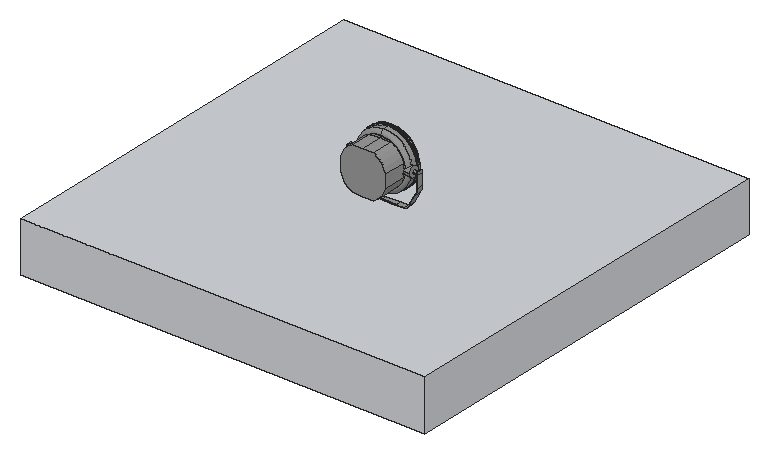
Revit family "L-banner 600", category Осветительные приборы, Revit 2017
Family settings
  Основа = Грань
  Размер круглого соединителя = Использовать диаметр
  Тип детали = Нормальный
  При загрузке вырезать с полостями = Нет
  Источник света = Да
  Общий = Нет
  Точка расчета площади = Нет
Parameters (values of type "L-banner 600-K15-4.0K")
  Комментарии к типоразмеру = "Прожекторы"
  Wattage Comments = ""
  Wattage = 470.614 W
  built-in parameter 1150110 = 1 (stored number, unit not read)
  built-in parameter 1114217 = 1 (stored number, unit not read)
  Tilt Angle = 90.00°
  built-in parameter 1150109 = 1 (stored number, unit not read)
  built-in parameter 1150134 = 12
  built-in parameter 1150113 = 1 (stored number, unit not read)
  Файл фотометрической сетки = "L-banner 600-600-K15-4.0K-04.ies"
  built-in parameter 1150142 = "IESNA:LM-63-1995\r\n[TEST]LEDEL\r\n[DATA]17.10.2017\r\n[MANUFAC]LEDEL\r\n[LUMCAT]L-banner 600/600/К15/4.0К/04\r\n[LUMINAIRE]Для внешней подсветки крупных объектов\r\n[LAMPCAT]LED\r\n[LAMP]OSRAM OSLON SQUARE\r\nTILT=NONE\r\n\r\n1 69906 1.173845 37 19 1 2 -0.4625 -0.426 0.238\r\n\r\n1 1 600\r\n\r\n 0 2.5 5 7.5 10 12.5 15 17.5 20 22.5 25 27.5 30 32.5 35 37.5 40 42.5 45 47.5 50 52.5 55 57.5 60 62.5 65 67.5 70 72.5 75 77.5 80 82.5\r\n 85 87.5 90\r\n\r\n 0 10 20 30 40 50 60 70 80 90 100 110 120 130 140 150 160 170 180\r\n\r\n290472 266313 218629 161894 114873 81570 57475 40256 28586 21210 16789 14136 12403 11042 9680\r\n  8622 7412 6807 6050 5445 4840 4387 3933 3479 3025 2723 2269 1967 1513 1210 908 454 303 303 152 152 227\r\n290472 266313 218629 161894 114873 81570 57475 40256 28586 21210 16789 14136 12403 11042 9680\r\n  8622 7412 6807 6050 5445 4840 4387 3933 3479 3025 2723 2269 1967 1513 1210 908 454 303 303 152 152 227\r\n290472 266313 218629 161894 114873 81570 57475 40256 28586 21210 16789 14136 12403 11042 9680\r\n  8622 7412 6807 6050 5445 4840 4387 3933 3479 3025 2723 2269 1967 1513 1210 908 454 303 303 152 152 227\r\n290472 266313 218629 161894 114873 81570 57475 40256 28586 21210 16789 14136 12403 11042 9680\r\n  8622 7412 6807 6050 5445 4840 4387 3933 3479 3025 2723 2269 1967 1513 1210 908 454 303 303 152 152 227\r\n290472 266313 218629 161894 114873 81570 57475 40256 28586 21210 16789 14136 12403 11042 9680\r\n  8622 7412 6807 6050 5445 4840 4387 3933 3479 3025 2723 2269 1967 1513 1210 908 454 303 303 152 152 227\r\n290472 266313 218629 161894 114873 81570 57475 40256 28586 21210 16789 14136 12403 11042 9680\r\n  8622 7412 6807 6050 5445 4840 4387 3933 3479 3025 2723 2269 1967 1513 1210 908 454 303 303 152 152 227\r\n290472 266313 218629 161894 114873 81570 57475 40256 28586 21210 16789 14136 12403 11042 9680\r\n  8622 7412 6807 6050 5445 4840 4387 3933 3479 3025 2723 2269 1967 1513 1210 908 454 303 303 152 152 227\r\n290472 266313 218629 161894 114873 81570 57475 40256 28586 21210 16789 14136 12403 11042 9680\r\n  8622 7412 6807 6050 5445 4840 4387 3933 3479 3025 2723 2269 1967 1513 1210 908 454 303 303 152 152 227\r\n290472 266313 218629 161894 114873 81570 57475 40256 28586 21210 16789 14136 12403 11042 9680\r\n  8622 7412 6807 6050 5445 4840 4387 3933 3479 3025 2723 2269 1967 1513 1210 908 454 303 303 152 152 227\r\n290472 266313 218629 161894 114873 81570 57475 40256 28586 21210 16789 14136 12403 11042 9680\r\n  8622 7412 6807 6050 5445 4840 4387 3933 3479 3025 2723 2269 1967 1513 1210 908 454 303 303 152 152 227\r\n290472 266313 218629 161894 114873 81570 57475 40256 28586 21210 16789 14136 12403 11042 9680\r\n  8622 7412 6807 6050 5445 4840 4387 3933 3479 3025 2723 2269 1967 1513 1210 908 454 303 303 152 152 227\r\n290472 266313 218629 161894 114873 81570 57475 40256 28586 21210 16789 14136 12403 11042 9680\r\n  8622 7412 6807 6050 5445 4840 4387 3933 3479 3025 2723 2269 1967 1513 1210 908 454 303 303 152 152 227\r\n290472 266313 218629 161894 114873 81570 57475 40256 28586 21210 16789 14136 12403 11042 9680\r\n  8622 7412 6807 6050 5445 4840 4387 3933 3479 3025 2723 2269 1967 1513 1210 908 454 303 303 152 152 227\r\n290472 266313 218629 161894 114873 81570 57475 40256 28586 21210 16789 14136 12403 11042 9680\r\n  8622 7412 6807 6050 5445 4840 4387 3933 3479 3025 2723 2269 1967 1513 1210 908 454 303 303 152 152 227\r\n290472 266313 218629 161894 114873 81570 57475 40256 28586 21210 16789 14136 12403 11042 9680\r\n  8622 7412 6807 6050 5445 4840 4387 3933 3479 3025 2723 2269 1967 1513 1210 908 454 303 303 152 152 227\r\n290472 266313 218629 161894 114873 81570 57475 40256 28586 21210 16789 14136 12403 11042 9680\r\n  8622 7412 6807 6050 5445 4840 4387 3933 3479 3025 2723 2269 1967 1513 1210 908 454 303 303 152 152 227\r\n290472 266313 218629 161894 114873 81570 57475 40256 28586 21210 16789 14136 12403 11042 9680\r\n  8622 7412 6807 6050 5445 4840 4387 3933 3479 3025 2723 2269 1967 1513 1210 908 454 303 303 152 152 227\r\n290472 266313 218629 161894 114873 81570 57475 40256 28586 21210 16789 14136 12403 11042 9680\r\n  8622 7412 6807 6050 5445 4840 4387 3933 3479 3025 2723 2269 1967 1513 1210 908 454 303 303 152 152 227\r\n290472 266313 218629 161894 114873 81570 57475 40256 28586 21210 16789 14136 12403 11042 9680\r\n  8622 7412 6807 6050 5445 4840 4387 3933 3479 3025 2723 2269 1967 1513 1210 908 454 303 303 152 152 227\r\n"
  built-in parameter 1150105 = 5562.9 (stored number, unit not read)
  Lumens = 69906 lm
  built-in parameter 1150115 = 1 (stored number, unit not read)
  built-in parameter 1150137 = (empty or 0)
  built-in parameter 1150139 = (empty or 0)
  built-in parameter 1150112 = 1 (stored number, unit not read)
  built-in parameter 1150114 = 1 (stored number, unit not read)
  Emit from Circle Diameter = 298 mm  # constant formula
  Изготовитель = "LEDEL"
  Model = ""
  Артикул = "621160002744200"
  L = 68.4 mm  # constant formula
  built-in parameter 1150132 = 2
  built-in parameter 1150102 = (empty or 0)
  built-in parameter 1150107 = 4000 (stored number, unit not read)
  built-in parameter 1150138 = (empty or 0)
  built-in parameter 1150106 = 55.629 (stored number, unit not read)
  Emit Shape Visible in Rendering = no
  built-in parameter 1150104 = 13.8 (stored number, unit not read)
  Dimming Lamp Color Temperature Shift = (empty or 0)
  Default Elevation = 1219.2 mm
  Color Filter = 16777215
  built-in parameter 1114218 = 1 (stored number, unit not read)
  built-in parameter 1150133 = 10 (stored number, unit not read)
  Apparent Load = 600 VA  # constant formula
Reference planes
  plane 1 "Center (Front/Back)": y = 0
  plane 2: z = 0
  plane 3 "Center (Left/Right)": x = 0
  plane 4 "1": z = 209.6
Forms (mm)
  Extrusion 1, solid
    sketch origin (0, 0, 0) x (1, 0, 0) y (0, 1, 0)
      loop
        line (-1219.2, 1219.2) -> (-1219.2, -1219.2) -> (1219.2, -1219.2) -> (1219.2, 1219.2) -> (-1219.2, 1219.2)
    from 0 to -304.8
  Extrusion 2, solid, material "Алюминий"
    sketch origin (0, 0, 234.636) x (1, 0, 0) y (0, 0, -1)
      loop
        line (210, 25.936) -> (210, 11.936) -> (214.5, 11.936) -> (214.5, 25.936) -> (214.5, 98.132)
        arc (214.5, 98.132) -> (212.492, 117.865) -> (204.376, 135.963) r 62.214
        line (204.376, 135.963) -> (165.455, 206.179)
        arc (165.455, 206.179) -> (150.723, 223.782) -> (130.498, 234.636) r 60.548
        line (130.498, 234.636) -> (84.8, 234.636) -> (0, 234.636) -> (-84.8, 234.636) -> (-130.498, 234.636)
        arc (-130.498, 234.636) -> (-150.723, 223.782) -> (-165.455, 206.179) r 60.548
        line (-165.455, 206.179) -> (-204.376, 135.963)
        arc (-204.376, 135.963) -> (-212.492, 117.865) -> (-214.5, 98.132) r 62.214
        line (-214.5, 98.132) -> (-214.5, 25.936) -> (-214.5, 11.936) -> (-210, 11.936) -> (-210, 25.936) -> (-210, 98.266)
        arc (-210, 98.266) -> (-208.141, 116.72) -> (-200.524, 133.63) r 57.714
        line (-200.524, 133.63) -> (-161.519, 203.998)
        arc (-161.519, 203.998) -> (-148.142, 220.079) -> (-129.8, 230.136) r 56.048
        line (-129.8, 230.136) -> (-84.8, 230.136) -> (0, 230.136) -> (84.8, 230.136) -> (129.8, 230.136)
        arc (129.8, 230.136) -> (148.142, 220.079) -> (161.519, 203.998) r 56.048
        line (161.519, 203.998) -> (200.524, 133.63)
        arc (200.524, 133.63) -> (208.141, 116.72) -> (210, 98.266) r 57.714
        line (210, 98.266) -> (210, 25.936)
    from -15 to 15
  Extrusion 3, solid, material "Алюминий"
    sketch origin (0, 0, 235.536) x (0, -1, 0) y (0, 0, -1)
      loop
        circle (0, 25.936) r 30
    from -178.3 to 178.3
  Extrusion 4, solid, material "Алюминий"
    sketch origin (0, 0, 235.536) x (0, -1, 0) y (0, 0, -1)
      loop
        circle (0, 25.936) r 9.5
    from -212.1 to 212.1
  Revolve 5, solid, material "Алюминий"
    sketch origin (0, 0, 209.6) x (0, 1, 0) y (0, 0, 1)
      loop
        line (68.4, -156) -> (68.4, -149) -> (63.4, -149) -> (63.4, 0) -> (-24.637, 0) -> (-24.637, -142.866) -> (-23.545, -142.866)
        arc (-23.545, -142.866) -> (-16.662, -159.483) -> (-0.045, -166.366) r 23.5
        line (-0.045, -166.366) -> (32.436, -167.501)
        arc (32.436, -167.501) -> (33.118, -167.783) -> (33.4, -168.465) r 0.965
        arc (33.4, -168.465) -> (33.693, -169.172) -> (34.4, -169.465) r 1
        line (34.4, -169.465) -> (35.4, -169.5)
        arc (35.4, -169.5) -> (36.107, -169.793) -> (36.4, -170.5) r 1
        arc (36.4, -170.5) -> (36.693, -171.207) -> (37.4, -171.5) r 1
        line (37.4, -171.5) -> (42.4, -171.675) -> (42.4, -172.5) -> (49.4, -172.5)
        arc (49.4, -172.5) -> (58.596, -163.9) -> (68.4, -156) r 171.162
      axis (-24.637, 0) -> (68.4, 0)
    angle from 0 to 360
  Extrusion 6, solid, material "Алюминий"
    sketch origin (0, -24.637, 209.6) x (-1, 0, 0) y (0, 0, -1)
      loop
        arc (-137.3, -39.49) -> (-109.916, -91.265) -> (-64.058, -127.7) r 142.866
        line (-64.058, -127.7) -> (0, -127.7) -> (64.058, -127.7)
        arc (64.058, -127.7) -> (109.916, -91.265) -> (137.3, -39.49) r 142.866
        line (137.3, -39.49) -> (137.3, 39.49)
        arc (137.3, 39.49) -> (109.916, 91.265) -> (64.058, 127.7) r 142.866
        line (64.058, 127.7) -> (0, 127.7) -> (-64.058, 127.7)
        arc (-64.058, 127.7) -> (-109.916, 91.265) -> (-137.3, 39.49) r 142.866
        line (-137.3, 39.49) -> (-137.3, -39.49)
    from 0 to 134
Lines and regions (mm)
  reference lines
    curve 1: line (0, 0, 209.6) -> (0, 68.4, 209.6)
Dimensions and locks
  plane 2 to Extrusion 2 to plane 4 "1" = 0 mm, 209.6 mm
  "L": curve 1 to curve 1
  "Tilt Angle": angle plane 1 "Center (Front/Back)" to curve 1
  aligned and locked: plane 2 to Extrusion 1
  aligned and locked: level to Extrusion 1
  aligned and locked: plane 4 "1" to curve 1
  aligned and locked: plane 1 "Center (Front/Back)" to curve 1
  aligned and locked: imposter light to curve 1  (x2)
Automatic sketch dimensions
  Extrusion 1 sketch curve to Extrusion 1 sketch curve = 2438.4 mm  (x2)
  Extrusion 2 sketch curve to Extrusion 2 sketch curve = 0 mm  (x13)
  Extrusion 2 sketch curve to plane 3 "Center (Left/Right)" = 0 mm  (x2)
  Extrusion 2 sketch curve to Extrusion 2 sketch curve = 84.8 mm
  Extrusion 2 sketch curve to Extrusion 2 sketch curve = 27.699 mm  (x2)
  Extrusion 2 sketch curve to Extrusion 2 sketch curve = 45 mm  (x2)
  Extrusion 2 sketch curve to Extrusion 2 sketch curve = 0.698 mm  (x2)
  Extrusion 2 sketch curve to Extrusion 2 sketch curve = 39.894 mm  (x2)
  Extrusion 2 sketch curve to Extrusion 2 sketch curve = 31.719 mm  (x2)
  Extrusion 2 sketch curve to Extrusion 2 sketch curve = 3.936 mm  (x2)
  Extrusion 2 sketch curve to Extrusion 2 sketch curve = 48.131 mm  (x2)
  Extrusion 2 sketch curve to Extrusion 2 sketch curve = 3.852 mm  (x2)
  Extrusion 2 sketch curve to Extrusion 2 sketch curve = 57.607 mm  (x2)
  Extrusion 2 sketch curve to Extrusion 2 sketch curve = 4.5 mm  (x2)
  plane 3 "Center (Left/Right)" to Extrusion 2 sketch curve = 84.8 mm
  plane 4 "1" to Extrusion 2 sketch curve = 13.1 mm
  Extrusion 2 sketch curve to Extrusion 2 sketch curve = 14 mm  (x2)
  Extrusion 2 sketch curve to Extrusion 2 sketch curve = 72.196 mm  (x2)
  Extrusion 2 sketch curve to Extrusion 2 sketch curve = 0.135 mm  (x2)
  Extrusion 2 sketch curve to Extrusion 2 sketch curve = 3.516 mm  (x2)
  Extrusion 2 sketch curve to Extrusion 2 sketch curve = 75.043 mm  (x2)
  Extrusion 2 sketch curve to Extrusion 2 sketch curve = 27.172 mm
  Extrusion 2 sketch curve to Extrusion 2 sketch curve = 2.182 mm
  plane 1 "Center (Front/Back)" to Extrusion 3 sketch curve = 0 mm
  plane 4 "1" to Extrusion 3 sketch curve = 0 mm
  plane 1 "Center (Front/Back)" to Extrusion 4 sketch curve = 0 mm
  plane 4 "1" to Extrusion 4 sketch curve = 0 mm
  curve 1 to Revolve 5 sketch curve = 0 mm
  Revolve 5 sketch curve to curve 1 = 0 mm
  Revolve 5 sketch curve to curve 1 = 156 mm
  Revolve 5 sketch curve to curve 1 = 149 mm
  Revolve 5 sketch curve to Revolve 5 sketch curve = 5 mm  (x2)
  Revolve 5 sketch curve to curve 1 = 19 mm
  Revolve 5 sketch curve to Revolve 5 sketch curve = 7 mm
  Revolve 5 sketch curve to Revolve 5 sketch curve = 2 mm
  Revolve 5 sketch curve to Revolve 5 sketch curve = 1 mm  (x4)
  Revolve 5 sketch curve to Revolve 5 sketch curve = 1.965 mm
  Revolve 5 sketch curve to curve 1 = 0.045 mm
  Revolve 5 sketch curve to Revolve 5 sketch curve = 23.5 mm
  Revolve 5 sketch curve to curve 1 = 24.637 mm
  curve 1 to Revolve 5 sketch curve = 102.425 mm
  Revolve 5 sketch curve to curve 1 = 166.366 mm
  Revolve 5 sketch curve to curve 1 = 167.501 mm
  Revolve 5 sketch curve to Revolve 5 sketch curve = 0.965 mm
  Revolve 5 sketch curve to Revolve 5 sketch curve = 0.035 mm
  Revolve 5 sketch curve to Revolve 5 sketch curve = 0.175 mm
  Revolve 5 sketch curve to Revolve 5 sketch curve = 0.825 mm
  Extrusion 6 sketch curve to Extrusion 6 sketch curve = 0 mm  (x12)
  Revolve 5 to Extrusion 6 sketch curve = 137.3 mm
  Extrusion 6 sketch curve to Extrusion 6 sketch curve = 73.242 mm  (x2)
  Extrusion 6 sketch curve to Extrusion 6 sketch curve = 64.058 mm  (x5)
  Extrusion 6 sketch curve to Revolve 5 = 137.3 mm
  Extrusion 6 sketch curve to Extrusion 6 sketch curve = 88.21 mm
  Extrusion 6 sketch curve to Extrusion 6 sketch curve = 78.981 mm
  radius of Extrusion 3 sketch curve = 30 mm
  radius of Extrusion 4 sketch curve = 9.5 mm
Connectors
  electrical at (0, 0, 0)
    settings: on Extrusion 1, index 1, voltage 230 V, apparent load 0 VA, apparent load phase1 600 VA, apparent load phase2 0 VA, apparent load phase3 0 VA, power factor 1, load classification "Прочее", number of poles 1, system type 30, power factor state 1, is connector primary yes, connector utility no, sub classification motor no, connector description ""
Types (9, lengths in mm): name | Wattage | built-in parameter 1150134 | Файл фотометрической сетки | built-in parameter 1150142 | built-in parameter 1150105 | Lumens | Артикул | built-in parameter 1150107 | built-in parameter 1150106
  (no name) | 470.614 W | 12 | "L-banner 600-600-K15-4.0K-04.ies" | "IESNA:LM-63-1995\r\n[TEST]LEDEL\r\n[DATA]17.10.2017\r\n[MANUFAC]LEDEL\r\n[LUMCAT]L-banner 600/600/К15/4.0К/04\r\n[LUMINAIRE]Для внешней подсветки крупных объектов\r\n[LAMPCAT]LED\r\n[LAMP]OSRAM OSLON SQUARE\r\nTILT=NONE\r\n\r\n1 69906 1.173845 37 19 1 2 -0.4625 -0.426 0.238\r\n\r\n1 1 600\r\n\r\n 0 2.5 5 7.5 10 12.5 15 17.5 20 22.5 25 27.5 30 32.5 35 37.5 40 42.5 45 47.5 50 52.5 55 57.5 60 62.5 65 67.5 70 72.5 75 77.5 80 82.5\r\n 85 87.5 90\r\n\r\n 0 10 20 30 40 50 60 70 80 90 100 110 120 130 140 150 160 170 180\r\n\r\n290472 266313 218629 161894 114873 81570 57475 40256 28586 21210 16789 14136 12403 11042 9680\r\n  8622 7412 6807 6050 5445 4840 4387 3933 3479 3025 2723 2269 1967 1513 1210 908 454 303 303 152 152 227\r\n290472 266313 218629 161894 114873 81570 57475 40256 28586 21210 16789 14136 12403 11042 9680\r\n  8622 7412 6807 6050 5445 4840 4387 3933 3479 3025 2723 2269 1967 1513 1210 908 454 303 303 152 152 227\r\n290472 266313 218629 161894 114873 81570 57475 40256 28586 21210 16789 14136 12403 11042 9680\r\n  8622 7412 6807 6050 5445 4840 4387 3933 3479 3025 2723 2269 1967 1513 1210 908 454 303 303 152 152 227\r\n290472 266313 218629 161894 114873 81570 57475 40256 28586 21210 16789 14136 12403 11042 9680\r\n  8622 7412 6807 6050 5445 4840 4387 3933 3479 3025 2723 2269 1967 1513 1210 908 454 303 303 152 152 227\r\n290472 266313 218629 161894 114873 81570 57475 40256 28586 21210 16789 14136 12403 11042 9680\r\n  8622 7412 6807 6050 5445 4840 4387 3933 3479 3025 2723 2269 1967 1513 1210 908 454 303 303 152 152 227\r\n290472 266313 218629 161894 114873 81570 57475 40256 28586 21210 16789 14136 12403 11042 9680\r\n  8622 7412 6807 6050 5445 4840 4387 3933 3479 3025 2723 2269 1967 1513 1210 908 454 303 303 152 152 227\r\n290472 266313 218629 161894 114873 81570 57475 40256 28586 21210 16789 14136 12403 11042 9680\r\n  8622 7412 6807 6050 5445 4840 4387 3933 3479 3025 2723 2269 1967 1513 1210 908 454 303 303 152 152 227\r\n290472 266313 218629 161894 114873 81570 57475 40256 28586 21210 16789 14136 12403 11042 9680\r\n  8622 7412 6807 6050 5445 4840 4387 3933 3479 3025 2723 2269 1967 1513 1210 908 454 303 303 152 152 227\r\n290472 266313 218629 161894 114873 81570 57475 40256 28586 21210 16789 14136 12403 11042 9680\r\n  8622 7412 6807 6050 5445 4840 4387 3933 3479 3025 2723 2269 1967 1513 1210 908 454 303 303 152 152 227\r\n290472 266313 218629 161894 114873 81570 57475 40256 28586 21210 16789 14136 12403 11042 9680\r\n  8622 7412 6807 6050 5445 4840 4387 3933 3479 3025 2723 2269 1967 1513 1210 908 454 303 303 152 152 227\r\n290472 266313 218629 161894 114873 81570 57475 40256 28586 21210 16789 14136 12403 11042 9680\r\n  8622 7412 6807 6050 5445 4840 4387 3933 3479 3025 2723 2269 1967 1513 1210 908 454 303 303 152 152 227\r\n290472 266313 218629 161894 114873 81570 57475 40256 28586 21210 16789 14136 12403 11042 9680\r\n  8622 7412 6807 6050 5445 4840 4387 3933 3479 3025 2723 2269 1967 1513 1210 908 454 303 303 152 152 227\r\n290472 266313 218629 161894 114873 81570 57475 40256 28586 21210 16789 14136 12403 11042 9680\r\n  8622 7412 6807 6050 5445 4840 4387 3933 3479 3025 2723 2269 1967 1513 1210 908 454 303 303 152 152 227\r\n290472 266313 218629 161894 114873 81570 57475 40256 28586 21210 16789 14136 12403 11042 9680\r\n  8622 7412 6807 6050 5445 4840 4387 3933 3479 3025 2723 2269 1967 1513 1210 908 454 303 303 152 152 227\r\n290472 266313 218629 161894 114873 81570 57475 40256 28586 21210 16789 14136 12403 11042 9680\r\n  8622 7412 6807 6050 5445 4840 4387 3933 3479 3025 2723 2269 1967 1513 1210 908 454 303 303 152 152 227\r\n290472 266313 218629 161894 114873 81570 57475 40256 28586 21210 16789 14136 12403 11042 9680\r\n  8622 7412 6807 6050 5445 4840 4387 3933 3479 3025 2723 2269 1967 1513 1210 908 454 303 303 152 152 227\r\n290472 266313 218629 161894 114873 81570 57475 40256 28586 21210 16789 14136 12403 11042 9680\r\n  8622 7412 6807 6050 5445 4840 4387 3933 3479 3025 2723 2269 1967 1513 1210 908 454 303 303 152 152 227\r\n290472 266313 218629 161894 114873 81570 57475 40256 28586 21210 16789 14136 12403 11042 9680\r\n  8622 7412 6807 6050 5445 4840 4387 3933 3479 3025 2723 2269 1967 1513 1210 908 454 303 303 152 152 227\r\n290472 266313 218629 161894 114873 81570 57475 40256 28586 21210 16789 14136 12403 11042 9680\r\n  8622 7412 6807 6050 5445 4840 4387 3933 3479 3025 2723 2269 1967 1513 1210 908 454 303 303 152 152 227\r\n" | 5562.9 (stored number, unit not read) | 69906 lm | "621160002744200" | 4000 (stored number, unit not read) | 55.629 (stored number, unit not read)
  L-banner 600-K15-5.0K | 470.614 W | 2 | "L-banner 600-600-K15-5.0K-04.ies" | "IESNA:LM-63-1995\r\n[TEST]LEDEL\r\n[DATA]17.10.2017\r\n[MANUFAC]LEDEL\r\n[LUMCAT]L-banner 600/600/К15/5.0К/04\r\n[LUMINAIRE]Для внешней подсветки крупных объектов\r\n[LAMPCAT]LED\r\n[LAMP]OSRAM OSLON SQUARE\r\nTILT=NONE\r\n\r\n1 69906 1.173845 37 19 1 2 -0.4625 -0.426 0.238\r\n\r\n1 1 600\r\n\r\n 0 2.5 5 7.5 10 12.5 15 17.5 20 22.5 25 27.5 30 32.5 35 37.5 40 42.5 45 47.5 50 52.5 55 57.5 60 62.5 65 67.5 70 72.5 75 77.5 80 82.5\r\n 85 87.5 90\r\n\r\n 0 10 20 30 40 50 60 70 80 90 100 110 120 130 140 150 160 170 180\r\n\r\n290472 266313 218629 161894 114873 81570 57475 40256 28586 21210 16789 14136 12403 11042 9680\r\n  8622 7412 6807 6050 5445 4840 4387 3933 3479 3025 2723 2269 1967 1513 1210 908 454 303 303 152 152 227\r\n290472 266313 218629 161894 114873 81570 57475 40256 28586 21210 16789 14136 12403 11042 9680\r\n  8622 7412 6807 6050 5445 4840 4387 3933 3479 3025 2723 2269 1967 1513 1210 908 454 303 303 152 152 227\r\n290472 266313 218629 161894 114873 81570 57475 40256 28586 21210 16789 14136 12403 11042 9680\r\n  8622 7412 6807 6050 5445 4840 4387 3933 3479 3025 2723 2269 1967 1513 1210 908 454 303 303 152 152 227\r\n290472 266313 218629 161894 114873 81570 57475 40256 28586 21210 16789 14136 12403 11042 9680\r\n  8622 7412 6807 6050 5445 4840 4387 3933 3479 3025 2723 2269 1967 1513 1210 908 454 303 303 152 152 227\r\n290472 266313 218629 161894 114873 81570 57475 40256 28586 21210 16789 14136 12403 11042 9680\r\n  8622 7412 6807 6050 5445 4840 4387 3933 3479 3025 2723 2269 1967 1513 1210 908 454 303 303 152 152 227\r\n290472 266313 218629 161894 114873 81570 57475 40256 28586 21210 16789 14136 12403 11042 9680\r\n  8622 7412 6807 6050 5445 4840 4387 3933 3479 3025 2723 2269 1967 1513 1210 908 454 303 303 152 152 227\r\n290472 266313 218629 161894 114873 81570 57475 40256 28586 21210 16789 14136 12403 11042 9680\r\n  8622 7412 6807 6050 5445 4840 4387 3933 3479 3025 2723 2269 1967 1513 1210 908 454 303 303 152 152 227\r\n290472 266313 218629 161894 114873 81570 57475 40256 28586 21210 16789 14136 12403 11042 9680\r\n  8622 7412 6807 6050 5445 4840 4387 3933 3479 3025 2723 2269 1967 1513 1210 908 454 303 303 152 152 227\r\n290472 266313 218629 161894 114873 81570 57475 40256 28586 21210 16789 14136 12403 11042 9680\r\n  8622 7412 6807 6050 5445 4840 4387 3933 3479 3025 2723 2269 1967 1513 1210 908 454 303 303 152 152 227\r\n290472 266313 218629 161894 114873 81570 57475 40256 28586 21210 16789 14136 12403 11042 9680\r\n  8622 7412 6807 6050 5445 4840 4387 3933 3479 3025 2723 2269 1967 1513 1210 908 454 303 303 152 152 227\r\n290472 266313 218629 161894 114873 81570 57475 40256 28586 21210 16789 14136 12403 11042 9680\r\n  8622 7412 6807 6050 5445 4840 4387 3933 3479 3025 2723 2269 1967 1513 1210 908 454 303 303 152 152 227\r\n290472 266313 218629 161894 114873 81570 57475 40256 28586 21210 16789 14136 12403 11042 9680\r\n  8622 7412 6807 6050 5445 4840 4387 3933 3479 3025 2723 2269 1967 1513 1210 908 454 303 303 152 152 227\r\n290472 266313 218629 161894 114873 81570 57475 40256 28586 21210 16789 14136 12403 11042 9680\r\n  8622 7412 6807 6050 5445 4840 4387 3933 3479 3025 2723 2269 1967 1513 1210 908 454 303 303 152 152 227\r\n290472 266313 218629 161894 114873 81570 57475 40256 28586 21210 16789 14136 12403 11042 9680\r\n  8622 7412 6807 6050 5445 4840 4387 3933 3479 3025 2723 2269 1967 1513 1210 908 454 303 303 152 152 227\r\n290472 266313 218629 161894 114873 81570 57475 40256 28586 21210 16789 14136 12403 11042 9680\r\n  8622 7412 6807 6050 5445 4840 4387 3933 3479 3025 2723 2269 1967 1513 1210 908 454 303 303 152 152 227\r\n290472 266313 218629 161894 114873 81570 57475 40256 28586 21210 16789 14136 12403 11042 9680\r\n  8622 7412 6807 6050 5445 4840 4387 3933 3479 3025 2723 2269 1967 1513 1210 908 454 303 303 152 152 227\r\n290472 266313 218629 161894 114873 81570 57475 40256 28586 21210 16789 14136 12403 11042 9680\r\n  8622 7412 6807 6050 5445 4840 4387 3933 3479 3025 2723 2269 1967 1513 1210 908 454 303 303 152 152 227\r\n290472 266313 218629 161894 114873 81570 57475 40256 28586 21210 16789 14136 12403 11042 9680\r\n  8622 7412 6807 6050 5445 4840 4387 3933 3479 3025 2723 2269 1967 1513 1210 908 454 303 303 152 152 227\r\n290472 266313 218629 161894 114873 81570 57475 40256 28586 21210 16789 14136 12403 11042 9680\r\n  8622 7412 6807 6050 5445 4840 4387 3933 3479 3025 2723 2269 1967 1513 1210 908 454 303 303 152 152 227\r\n" | 5562.9 (stored number, unit not read) | 69906 lm | "409004" | 5000 (stored number, unit not read) | 55.629 (stored number, unit not read)
  L-banner 600-K15-4.0K | 470.614 W | 12 | "L-banner 600-600-K15-4.0K-04.ies" | "IESNA:LM-63-1995\r\n[TEST]LEDEL\r\n[DATA]17.10.2017\r\n[MANUFAC]LEDEL\r\n[LUMCAT]L-banner 600/600/К15/4.0К/04\r\n[LUMINAIRE]Для внешней подсветки крупных объектов\r\n[LAMPCAT]LED\r\n[LAMP]OSRAM OSLON SQUARE\r\nTILT=NONE\r\n\r\n1 69906 1.173845 37 19 1 2 -0.4625 -0.426 0.238\r\n\r\n1 1 600\r\n\r\n 0 2.5 5 7.5 10 12.5 15 17.5 20 22.5 25 27.5 30 32.5 35 37.5 40 42.5 45 47.5 50 52.5 55 57.5 60 62.5 65 67.5 70 72.5 75 77.5 80 82.5\r\n 85 87.5 90\r\n\r\n 0 10 20 30 40 50 60 70 80 90 100 110 120 130 140 150 160 170 180\r\n\r\n290472 266313 218629 161894 114873 81570 57475 40256 28586 21210 16789 14136 12403 11042 9680\r\n  8622 7412 6807 6050 5445 4840 4387 3933 3479 3025 2723 2269 1967 1513 1210 908 454 303 303 152 152 227\r\n290472 266313 218629 161894 114873 81570 57475 40256 28586 21210 16789 14136 12403 11042 9680\r\n  8622 7412 6807 6050 5445 4840 4387 3933 3479 3025 2723 2269 1967 1513 1210 908 454 303 303 152 152 227\r\n290472 266313 218629 161894 114873 81570 57475 40256 28586 21210 16789 14136 12403 11042 9680\r\n  8622 7412 6807 6050 5445 4840 4387 3933 3479 3025 2723 2269 1967 1513 1210 908 454 303 303 152 152 227\r\n290472 266313 218629 161894 114873 81570 57475 40256 28586 21210 16789 14136 12403 11042 9680\r\n  8622 7412 6807 6050 5445 4840 4387 3933 3479 3025 2723 2269 1967 1513 1210 908 454 303 303 152 152 227\r\n290472 266313 218629 161894 114873 81570 57475 40256 28586 21210 16789 14136 12403 11042 9680\r\n  8622 7412 6807 6050 5445 4840 4387 3933 3479 3025 2723 2269 1967 1513 1210 908 454 303 303 152 152 227\r\n290472 266313 218629 161894 114873 81570 57475 40256 28586 21210 16789 14136 12403 11042 9680\r\n  8622 7412 6807 6050 5445 4840 4387 3933 3479 3025 2723 2269 1967 1513 1210 908 454 303 303 152 152 227\r\n290472 266313 218629 161894 114873 81570 57475 40256 28586 21210 16789 14136 12403 11042 9680\r\n  8622 7412 6807 6050 5445 4840 4387 3933 3479 3025 2723 2269 1967 1513 1210 908 454 303 303 152 152 227\r\n290472 266313 218629 161894 114873 81570 57475 40256 28586 21210 16789 14136 12403 11042 9680\r\n  8622 7412 6807 6050 5445 4840 4387 3933 3479 3025 2723 2269 1967 1513 1210 908 454 303 303 152 152 227\r\n290472 266313 218629 161894 114873 81570 57475 40256 28586 21210 16789 14136 12403 11042 9680\r\n  8622 7412 6807 6050 5445 4840 4387 3933 3479 3025 2723 2269 1967 1513 1210 908 454 303 303 152 152 227\r\n290472 266313 218629 161894 114873 81570 57475 40256 28586 21210 16789 14136 12403 11042 9680\r\n  8622 7412 6807 6050 5445 4840 4387 3933 3479 3025 2723 2269 1967 1513 1210 908 454 303 303 152 152 227\r\n290472 266313 218629 161894 114873 81570 57475 40256 28586 21210 16789 14136 12403 11042 9680\r\n  8622 7412 6807 6050 5445 4840 4387 3933 3479 3025 2723 2269 1967 1513 1210 908 454 303 303 152 152 227\r\n290472 266313 218629 161894 114873 81570 57475 40256 28586 21210 16789 14136 12403 11042 9680\r\n  8622 7412 6807 6050 5445 4840 4387 3933 3479 3025 2723 2269 1967 1513 1210 908 454 303 303 152 152 227\r\n290472 266313 218629 161894 114873 81570 57475 40256 28586 21210 16789 14136 12403 11042 9680\r\n  8622 7412 6807 6050 5445 4840 4387 3933 3479 3025 2723 2269 1967 1513 1210 908 454 303 303 152 152 227\r\n290472 266313 218629 161894 114873 81570 57475 40256 28586 21210 16789 14136 12403 11042 9680\r\n  8622 7412 6807 6050 5445 4840 4387 3933 3479 3025 2723 2269 1967 1513 1210 908 454 303 303 152 152 227\r\n290472 266313 218629 161894 114873 81570 57475 40256 28586 21210 16789 14136 12403 11042 9680\r\n  8622 7412 6807 6050 5445 4840 4387 3933 3479 3025 2723 2269 1967 1513 1210 908 454 303 303 152 152 227\r\n290472 266313 218629 161894 114873 81570 57475 40256 28586 21210 16789 14136 12403 11042 9680\r\n  8622 7412 6807 6050 5445 4840 4387 3933 3479 3025 2723 2269 1967 1513 1210 908 454 303 303 152 152 227\r\n290472 266313 218629 161894 114873 81570 57475 40256 28586 21210 16789 14136 12403 11042 9680\r\n  8622 7412 6807 6050 5445 4840 4387 3933 3479 3025 2723 2269 1967 1513 1210 908 454 303 303 152 152 227\r\n290472 266313 218629 161894 114873 81570 57475 40256 28586 21210 16789 14136 12403 11042 9680\r\n  8622 7412 6807 6050 5445 4840 4387 3933 3479 3025 2723 2269 1967 1513 1210 908 454 303 303 152 152 227\r\n290472 266313 218629 161894 114873 81570 57475 40256 28586 21210 16789 14136 12403 11042 9680\r\n  8622 7412 6807 6050 5445 4840 4387 3933 3479 3025 2723 2269 1967 1513 1210 908 454 303 303 152 152 227\r\n" | 5562.9 (stored number, unit not read) | 69906 lm | "621160002744200" | 4000 (stored number, unit not read) | 55.629 (stored number, unit not read)
